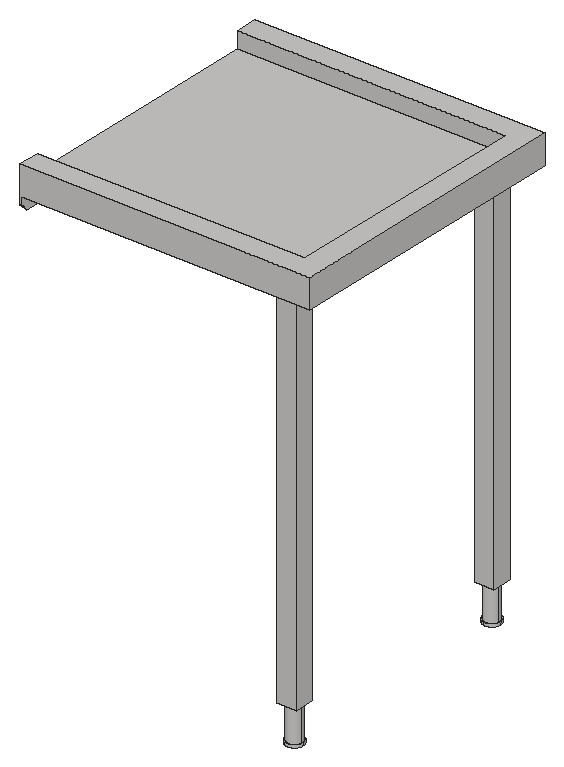
Revit family "QF_ELECTROLUXPROFESSIONAL_865319_BHRLU6", category Specialty Equipment, Revit 2018
Family settings
  Round Connector Dimension = Use Diameter
  Part Type = Normal
  Work Plane-Based = No
  Always vertical = Yes
  Cut with Voids When Loaded = No
  Shared = No
  Room Calculation Point = No
Parameters
  Weight = 0.00 kg
  Watts = 0 W
  Volts = 0 V
  URL Manufacturer = "http://professional.electrolux.com/"
  URL = "http://professional.electrolux.com/"
  Steam Supply Size = 0 mm
  Steam Supply Minimum Pressure = 0.0 Pa
  Steam Supply Maximum Pressure = 0.0 Pa
  Steam Pounds per Hour = 0
  Refrigeration Suction Line Size = 0 mm
  Refrigeration Liquid Line Size = 0 mm
  Refrigerant Compressor Remote = yes
  Manufacturer = "Electrolux"
  Phase = 0
  Model = "BHRLU6"
  Length Actual = 600 mm  # constant formula
  Item Number = "865319"
  Hot Water Size = 0 mm
  Height Actual = 910 mm  # constant formula
  HP = "0 HP"
  Gas Size = 0 mm
  Gas KW = 0
  Gas Input Pressure = 0 W
  Description = "DW TABLE UNLOADING&LOAD. 600MM-RACK TYPE"
  Depth Actual = 600 mm  # constant formula
  Cycle = 0 Hz
  Condensate Return Size = 0 mm
  Compressed Air Volume = 0.0 L/s
  Compressed Air Size = 0 mm
  Compressed Air Pressure = 0.0 Pa
  Cold Water Size = 0 mm
  Accessory = yes
Reference planes
  plane 1 "Center (Front/Back)": y = -47.5
  plane 2: z = 0
  plane 3 "BACK": y = 257.5
  plane 4 "FRONT": y = -352.5
  plane 5 "RIGHT": x = 450
  plane 6: z = 910
  plane 7 "LEFT": x = -150
Forms (mm)
  Extrusion 1, solid, material "QF_Finishes_Stainless Steel"
    sketch origin (0, 0, 0) x (1, 0, 0) y (0, 1, 0)
      loop
        line (-147.022, 212.5) -> (405, 212.5) -> (405, -307.5) -> (-147.022, -307.5) -> (-147.022, -352.5) -> (450, -352.5) -> (450, 257.5) -> (-147.022, 257.5) -> (-147.022, 212.5)
    from 850 to 910
  Extrusion 2, solid, material "QF_Finishes_Stainless Steel"
    sketch origin (0, 0, 53) x (1, 0, 0) y (0, 1, 0)
      loop
        line (-147.022, 212.5) -> (-147.022, -307.5) -> (405, -307.5) -> (405, 212.5) -> (-147.022, 212.5)
    from 797 to 822
  Extrusion 3, solid, material "QF_Finishes_Stainless Steel"
    sketch origin (300, 0, 0) x (0, 1, 0) y (0, 0, 1)
      loop
        line (-352.5, 835) -> (-337.5, 820) -> (242.5, 820) -> (257.5, 835) -> (257.5, 910) -> (212.5, 910) -> (212.5, 875) -> (-307.5, 875) -> (-307.5, 910) -> (-352.5, 910) -> (-352.5, 835)
    from -450 to -447.022
Cuts and joins
  joined: Extrusion 1, Extrusion 2, Extrusion 3
Lines and regions (mm)
  symbolic lines
    curve 1: line (-150, 257.5, 0) -> (450, 257.5, 0)
    curve 2: line (450, 257.5, 0) -> (450, -352.5, 0)
    curve 3: line (450, -352.5, 0) -> (-150, -352.5, 0)
    curve 4: line (-150, -307.5, 0) -> (405, -307.5, 0)
    curve 5: line (405, -307.5, 0) -> (405, 212.5, 0)
    curve 6: line (405, 212.5, 0) -> (-150, 212.5, 0)
    curve 7: line (-150, 257.5, 0) -> (-150, -352.5, 0)
    curve 8: line (-150, -47.5, 0) -> (-120, -47.5, 0)
Dimensions and locks
  Extrusion 1 to Extrusion 1 = 45 mm
  plane 7 "LEFT" to plane 5 "RIGHT" = 600 mm
  aligned and locked: level to plane 2
  aligned and locked: plane 6 to Extrusion 1
Nested families
  nested 1: "Foot_40x40" at (380, -303.5, 0), type "Foot_40x40"
    with A 850 mm
  nested 2: "Foot_40x40" at (380, 208.5, 0), type "Foot_40x40"
    with A 850 mm
Definition of nested family "Foot_40x40"
  Parameters
    A [instance] = 850 mm
  Reference planes
    plane 1 "Centro (Fronte/Retro)": y = 0
    plane 2: z = 0
    plane 3 "Centro (Sinistra/Destra)": x = 0
    plane 4: z = 850
  Forms (mm)
    Extrusion 1, solid
      sketch origin (0, 0, 0) x (1, 0, 0) y (0, 1, 0)
        loop
          circle (0, 0) r 18
      from 0 to 5
    Extrusion 2, solid
      sketch origin (0, 0, 5) x (1, 0, 0) y (0, 1, 0)
        loop
          circle (0, 0) r 15
      from 0 to 70
    Extrusion 3, solid
      sketch origin (0, 0, 75) x (1, 0, 0) y (0, 1, 0)
        loop
          line (-20, 20) -> (-20, -20) -> (20, -20) -> (20, 20) -> (-20, 20)
      from 0 to 775
  Dimensions and locks
    "A": plane 4 to plane 2
    aligned and locked: level to plane 2
    aligned and locked: plane 4 to Extrusion 3
    aligned and locked: Extrusion 1 to level
  Automatic sketch dimensions
    plane 1 "Centro (Fronte/Retro)" to Extrusion 1 sketch curve = 0 mm
    Extrusion 1 sketch curve to plane 3 "Centro (Sinistra/Destra)" = 0 mm
    Extrusion 3 sketch curve to Extrusion 3 sketch curve = 40 mm  (x2)
    radius of Extrusion 1 sketch curve = 18 mm
    radius of Extrusion 2 sketch curve to Extrusion 1 = 3 mm
